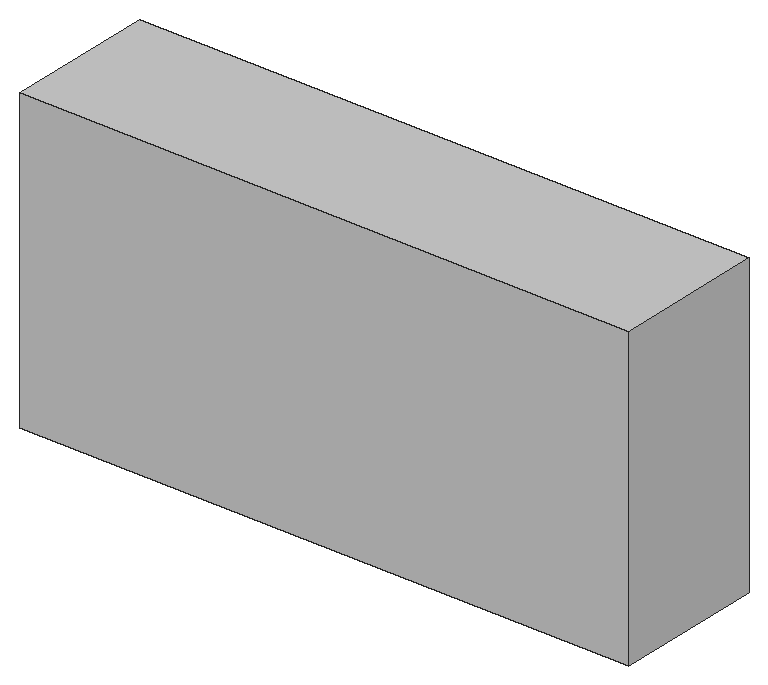
Revit family "86708f5a39684aa68cb4c65d51633655", category Каркас несущий, Revit 2026
Family settings
  Скрытие кромок = Другими элементами
  Округление длины несущего каркаса = 0 мм
  Форма сечения = Не задано
  Материал для поведения модели = Бетон
  Всегда экспортировать в виде геометрии = Нет
  Поиск кода элемента = Concrete-Rectangular Beam-0000-CAN-ENU
  Всегда вертикально = Да
  При загрузке вырезать с полостями = Нет
  Условное обозначение = Из семейства
  Общий = Нет
  Показывать семейство разрезанным на планах = Да
Parameters (values of type "300 x 600 мм")
  Structural Material [instance] = Бетон, монолитный, серый
  Length [instance] = 1524 mm
  b = 300 mm
  h = 600 mm
Types (3, lengths in mm): name | b | h
  (no name) | 300 | 600
  400 x 800 мм | 400 | 800
  300 x 600 мм | 300 | 600
Reference planes
  plane 1 "По центру (Вперед/Назад)": y = 0
  plane 2: z = 0
  plane 3 "По центру (Влево/Вправо)": x = 4.61
  plane 4 "Элемент слева": x = -604.99
  plane 5 "Элемент справа": x = 614.21
  plane 6: y = 150
  plane 7: y = -150
  plane 8: z = 300
  plane 9 "По низу": z = -300
  plane 10 "Слева": x = -757.39
  plane 11 "Справа": x = 766.61
Forms (mm)
  Sweep 1, solid, material "Бетон, монолитный, серый" <- "Structural Material"
    path origin (0, 0, 0) x (1, 0, 0) y (0, 1, 0)
      loop
        line (614.21, 0) -> (-604.99, 0)
    profile "M_Балка прямоугольного сечения-Профиль : M_Балка прямоугольного сечения-Профиль" origin (4.61, 0, 0) x (0, -1, 0) y (0, 0, 1)
      loop
        line (-150, -300) -> (150, -300) -> (150, 300) -> (-150, 300) -> (-150, -300)
Dimensions and locks
  "b": plane 6 to plane 7
  equal spacing: plane 9 "По низу", plane 2, plane 8
  equal spacing: plane 6, plane 1 "По центру (Вперед/Назад)", plane 7
  "h": plane 9 "По низу" to plane 8
  "Length": plane 10 "Слева" to plane 11 "Справа"
  aligned and locked: Sweep 1 sketch curve to plane 1 "По центру (Вперед/Назад)"
  aligned and locked: plane 4 "Элемент слева" to Sweep 1 sketch curve
  aligned and locked: plane 5 "Элемент справа" to Sweep 1 sketch curve
